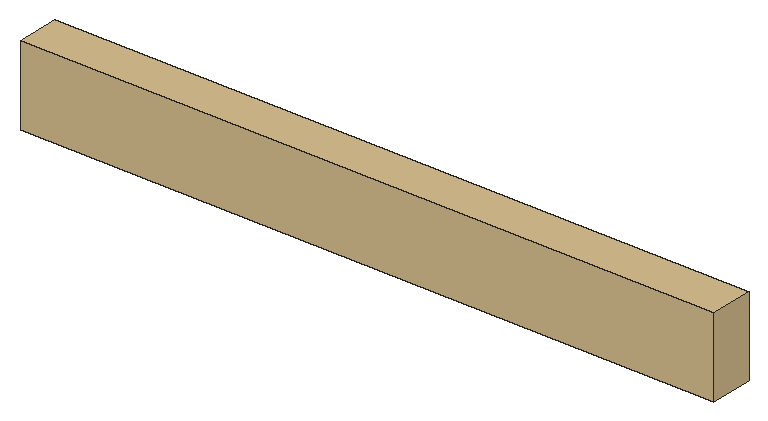
Revit family
Parameters (values of type "76X140")
  시작 확장 계산 [instance] = 3000 mm + 시작 확장  # 3000 mm
  시작 확장 [instance] = 0 mm
  Length [instance] = 1500 mm
  b = 76 mm
  d = 140 mm
  끝 확장 계산 [instance] = 3000 mm + 끝 확장  # 3000 mm
  끝 확장 [instance] = 0 mm
  보 재료 [instance] = 목재 - 치수 재목
Types (3, lengths in mm): name | Length | b | d
  (no name) | 1500 | 76 | 140
  76X140 | 1500 | 76 | 140
  127X279 | 1524 | 127 | 279
Reference planes
  plane 1 "중심(앞/뒤)": y = 0
  plane 2: z = 0
  plane 3 "중심(왼쪽/오른쪽)": x = 4.61
  plane 4 "왼쪽 부재": x = -604.99
  plane 5 "오른쪽 부재": x = 614.21
  plane 6: y = 38
  plane 7: y = -38
  plane 8: z = 70
  plane 9: z = -70
  plane 10 "왼쪽": x = -757.39
  plane 11 "기호를 왼쪽에 부착": x = -452.59
  plane 12 "기호를 오른쪽에 부착": x = 461.81
  plane 13 "오른쪽": x = 742.61
  plane 14: x = -604.99
  plane 15: x = 614.21
  plane 16: x = 2395.01
  plane 17: x = -2385.79
Forms (mm)
  Sweep 1, solid, material "목재 - 치수 재목" <- "보 재료", detail levels medium+fine
    path origin (0, 0, 0) x (1, 0, 0) y (0, 1, 0)
      loop
        line (614.21, 0) -> (-604.99, 0)
    profile "M_직사각형 목재 보-프로파일 : M_직사각형 목재 보-프로파일" origin (4.61, 0, 0) x (0, -1, 0) y (0, 0, 1)
      loop
        line (-38, -70) -> (38, -70) -> (38, 70) -> (-38, 70) -> (-38, -70)
Lines and regions (mm)
  symbolic lines, style "기호 부착", detail levels coarse
    curve 1: line (4.61, 38, 70) -> (4.61, -38, 70)
    curve 2: line (4.61, -38, -70) -> (4.61, 38, -70)
    curve 3: line (4.61, -38, 70) -> (4.61, -38, -70)
    curve 4: line (4.61, 38, -70) -> (4.61, 38, 70)
Dimensions and locks
  "b": plane 6 to plane 7
  "d": plane 9 to plane 8
  equal spacing: plane 9, plane 2, plane 8
  equal spacing: plane 6, plane 1 "중심(앞/뒤)", plane 7
  "Length": plane 10 "왼쪽" to plane 13 "오른쪽"
  locked: plane 4 "왼쪽 부재" to plane 16 at 3000
  locked: plane 17 to plane 5 "오른쪽 부재" at 3000
  "시작 확장 계산": plane 14 to plane 16
  "끝 확장 계산": plane 17 to plane 15
  aligned and locked: Sweep 1 sketch curve to plane 1 "중심(앞/뒤)"
  aligned and locked: curve 1 to Sweep 1
  aligned and locked: curve 2 to Sweep 1
  aligned and locked: curve 3 to Sweep 1
  aligned and locked: curve 4 to Sweep 1
  aligned and locked: plane 14 to Sweep 1 sketch curve
  aligned and locked: plane 15 to Sweep 1 sketch curve
